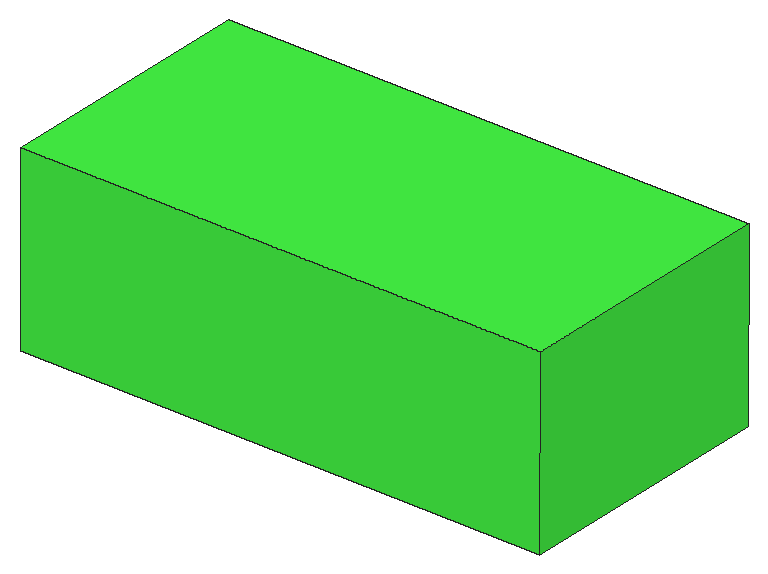
Revit family "Задание_Стена_Прямоугольник_БезОсновы1", category Окна, Revit 2019
Family settings
  На основе рабочей плоскости = Нет
  Всегда вертикально = Да
  При загрузке вырезать с полостями = Да
  Общий = Нет
  Точка расчета площади = Нет
Parameters (values of type "Задание_Стена_Прямоугольное")
  Width = 0 mm  # constant formula
  Согласованно [instance] = not(Несогласованно)  # yes
  Размер обозначения [instance] = if(Отверстие_Ширина > Отверстие_Высота, Отверстие_Ширина / 5, Отверстие_Высота / 5)  # 80 mm
  Rough Width = 0 mm  # constant formula
  Rough Height = 0 mm  # constant formula
  Позиция [instance] = ""
  Отверстие_Ширина [instance] = 400 mm
  Отверстие_Отметка этажа [instance] = 0 mm
  Отверстие_Отметка от этажа [instance] = 0 mm
  Отверстие_Отметка от нуля [instance] = (Отверстие_Отметка от этажа + Отверстие_Отметка этажа)  # 0 mm
  Отверстие_Дисциплина [instance] = ""
  Отверстие_Дата [instance] = ""
  Отверстие_Глубина [instance] = 200 mm
  Отверстие_Высота [instance] = 140 mm
  Отверстие = yes
  Несогласованно [instance] = no
  Материал стены [instance] = ""
  Люк = not(Отверстие)  # no
  Коллизии [instance] = ""
  Инструкция [instance] = "https://docs.google.com/document/d/1dWthfLxqsksj-u4klXlJBslAAIWb7P7Y/edit"
  Группа модели = "Задание"  # constant formula
  Height = 0 mm  # constant formula
  Видимость_вверх [instance] = 2400 mm
  Аналитическая конструкция = "<Нет>"
  Y [instance] = 0
  X [instance] = 0
  Info [instance] = ""
Reference planes
  plane 1 "По центру (Вперед/Назад)": y = -50
  plane 2: z = 0
  plane 3 "По центру (Влево/Вправо)": x = -50
  plane 4: y = 50
  plane 5: x = 150
  plane 6: x = -250
  plane 7: y = -150
  plane 8: z = 0
  plane 9 "Корректировка": z = 2400
Forms (mm)
  Extrusion 1, void
    sketch origin (0, 179.066, 0) x (0, 1, 0) y (-1, 0, 0)
      loop
        line (-129.066, 250) -> (-329.066, 250) -> (-329.066, -150) -> (-129.066, -150) -> (-129.066, 250)
    from 0 to 140 <- "Отверстие_Высота"
  Extrusion 2, solid, material "Согласованное_Отверстие", visible <- "Согласованно"
    sketch origin (-249.666, -150, 1200) x (-1, 0, 0) y (0, 0, -1)
      loop
        line (-399.666, 1060) -> (0.334, 1060) -> (0.334, 1200) -> (-399.666, 1200) -> (-399.666, 1060)
    from 0 to -200
  Extrusion 3, solid, material "Не Соглас_Отверстие", visible <- "Несогласованно"
    sketch origin (-249.666, -150, 1200) x (-1, 0, 0) y (0, 0, -1)
      loop
        line (-399.666, 1060) -> (0, 1060) -> (0, 1200) -> (-399.666, 1200) -> (-399.666, 1060)
    from 0 to -200
Lines and regions (mm)
  model lines, detail levels coarse
    curve 1: line (-50, -50, 0) -> (-50, -50, 2400)
  model lines
    curve 2: line (-250, -150, 140) -> (150, -150, 140)
    curve 3: line (-250, -150, 0) -> (-250, -150, 140)
    curve 4: line (150, -150, 0) -> (-250, -150, 0)
    curve 5: line (150, -150, 140) -> (150, -150, 0)
  model lines, style "InvisibleLines"
    curve 6: line (165.345, -28.125, 0) -> (199.095, 28.125, 0)
    curve 7: line (165.345, 28.125, 0) -> (199.095, -28.125, 0)
    curve 8: line (255.345, 0, 0) -> (199.095, 0, 0)
    curve 9: line (255.345, 0, 0) -> (240.512, -5.399, 0)
    curve 10: line (255.345, 0, 0) -> (240.512, 5.399, 0)
    curve 11: line (199.095, 0, 0) -> (213.928, -5.399, 0)
    curve 12: line (199.095, 0, 0) -> (213.928, 5.399, 0)
    curve 27: line (-250, -50, 0) -> (150, -50, 0)
    curve 28: line (-50, 50, 0) -> (-50, -150, 0)
    curve 29: line (-86, 94.938, 0) -> (-68, 124.938, 0)
    curve 30: line (-104, 124.938, 0) -> (-86, 94.938, 0)
    curve 31: line (-50, 124.938, 0) -> (-50, 64.938, 0)
    curve 32: line (-50, 124.938, 0) -> (-44.241, 109.116, 0)
    curve 33: line (-50, 124.938, 0) -> (-55.759, 109.116, 0)
    curve 34: line (-50, 64.938, 0) -> (-44.241, 80.76, 0)
    curve 35: line (-50, 64.938, 0) -> (-55.759, 80.76, 0)
    curve 36: line (-86, 94.938, 0) -> (-86, 64.938, 0)
    curve 54: line (170.095, -150, 170) -> (270.095, -150, 170)
    curve 55: line (270.095, -150, 170) -> (170.095, -150, 30)
    curve 56: line (170.095, -150, 30) -> (270.095, -150, 30)
    curve 57: line (351, -150, 170) -> (351, -150, 30)
    curve 58: line (351, -150, 170) -> (389.891, -150, 131.109)
    curve 59: line (351, -150, 170) -> (312.109, -150, 131.109)
    curve 60: line (351, -150, 30) -> (389.891, -150, 68.891)
    curve 61: line (351, -150, 30) -> (312.109, -150, 68.891)
  model lines, style "InvisibleLines", not visible
    curve 13: line (28.629, 15.438, 0) -> (43.629, 40.438, 0)
    curve 14: line (28.629, 40.438, 0) -> (43.629, 15.438, 0)
    curve 15: line (68.629, 27.938, 0) -> (43.629, 27.938, 0)
    curve 16: line (68.629, 27.938, 0) -> (62.036, 25.539, 0)
    curve 17: line (68.629, 27.938, 0) -> (62.036, 30.337, 0)
    curve 18: line (43.629, 27.938, 0) -> (50.221, 25.539, 0)
    curve 19: line (43.629, 27.938, 0) -> (50.221, 30.337, 0)
    curve 20: line (190.345, 15.562, 0) -> (224.095, 71.812, 0)
    curve 21: line (190.345, 71.812, 0) -> (224.095, 15.562, 0)
    curve 22: line (280.345, 43.687, 0) -> (224.095, 43.687, 0)
    curve 23: line (280.345, 43.687, 0) -> (265.512, 38.288, 0)
    curve 24: line (280.345, 43.687, 0) -> (265.512, 49.086, 0)
    curve 25: line (224.095, 43.687, 0) -> (238.928, 38.288, 0)
    curve 26: line (224.095, 43.687, 0) -> (238.928, 49.086, 0)
    curve 37: line (317.866, -74.537, 0) -> (325.366, -62.037, 0)
    curve 38: line (310.366, -62.037, 0) -> (317.866, -74.537, 0)
    curve 39: line (332.866, -62.037, 0) -> (332.866, -87.037, 0)
    curve 40: line (332.866, -62.037, 0) -> (335.266, -68.63, 0)
    curve 41: line (332.866, -62.037, 0) -> (330.467, -68.63, 0)
    curve 42: line (332.866, -87.037, 0) -> (335.266, -80.445, 0)
    curve 43: line (332.866, -87.037, 0) -> (330.467, -80.445, 0)
    curve 44: line (317.866, -74.537, 0) -> (317.866, -87.037, 0)
    curve 45: line (-79.309, 180.938, 0) -> (-61.309, 210.938, 0)
    curve 46: line (-97.309, 210.938, 0) -> (-79.309, 180.938, 0)
    curve 47: line (-43.309, 210.938, 0) -> (-43.309, 150.938, 0)
    curve 48: line (-43.309, 210.938, 0) -> (-37.55, 195.116, 0)
    curve 49: line (-43.309, 210.938, 0) -> (-49.068, 195.116, 0)
    curve 50: line (-43.309, 150.938, 0) -> (-37.55, 166.76, 0)
    curve 51: line (-43.309, 150.938, 0) -> (-49.068, 166.76, 0)
    curve 52: line (-79.309, 180.938, 0) -> (-79.309, 150.938, 0)
    curve 62: line (199.095, -150, 170) -> (299.095, -150, 170)
    curve 63: line (299.095, -150, 170) -> (199.095, -150, 30)
    curve 64: line (199.095, -150, 30) -> (299.095, -150, 30)
    curve 65: line (380, -150, 170) -> (380, -150, 30)
    curve 66: line (380, -150, 170) -> (418.891, -150, 131.109)
    curve 67: line (380, -150, 170) -> (341.109, -150, 131.109)
    curve 68: line (380, -150, 30) -> (418.891, -150, 68.891)
    curve 69: line (380, -150, 30) -> (341.109, -150, 68.891)
  model lines, visible <- "Люк"
    curve 53: line (150, -150, 0) -> (-236.37, -253.528, 0)
Dimensions and locks
  "Отверстие_Ширина": plane 6 to plane 5
  "Отверстие_Глубина": plane 7 to plane 4
  equal spacing: plane 6, plane 3 "По центру (Влево/Вправо)", plane 5
  equal spacing: plane 4, plane 1 "По центру (Вперед/Назад)", plane 7
  "Видимость_вверх": plane 9 "Корректировка" to level
  locked: plane 5 to curve 7 at 15.345
  locked: nested 1 to curve 35 at 14.938
  "Отверстие_Ширина": curve 53 to curve 53
  locked: curve 54 to Extrusion 2 at 20.095
  locked: curve 54 to Extrusion 2 at 30
  angle nested 1 to curve 53 = 15.00°
  aligned and locked: level to plane 2
  aligned and locked: Extrusion 1 sketch curve to plane 6
  aligned and locked: Extrusion 1 sketch curve to plane 5
  aligned and locked: nested 1 to plane 7
  aligned and locked: plane 6 to nested 1
  aligned and locked: nested 1 to plane 5
  aligned and locked: nested 1 to plane 4
  aligned and locked: curve 1 to plane 1 "По центру (Вперед/Назад)"
  aligned and locked: plane 9 "Корректировка" to curve 1
  aligned and locked: level to curve 1
  aligned and locked: plane 4 to Extrusion 2
  aligned and locked: plane 7 to Extrusion 1
  aligned and locked: plane 4 to Extrusion 1
  aligned and locked: curve 2 to Extrusion 1
  aligned and locked: curve 3 to Extrusion 1
  aligned and locked: curve 4 to Extrusion 1
  aligned and locked: curve 5 to Extrusion 1
  aligned and locked: plane 5 to Extrusion 2 sketch curve
  aligned and locked: Extrusion 2 sketch curve to level
  aligned and locked: plane 6 to Extrusion 2 sketch curve
  aligned and locked: Extrusion 2 sketch curve to Extrusion 1
  aligned and locked: Extrusion 1 to curve 28
  aligned and locked: curve 2 to curve 28
  aligned and locked: Extrusion 1 to curve 27  (x2)
  aligned and locked: nested 1 to curve 53
  aligned and locked: Extrusion 2 to plane 7
  aligned and locked: plane 4 to Extrusion 3
  aligned and locked: plane 5 to Extrusion 3
  aligned and locked: Extrusion 3 to plane 7
  aligned and locked: Extrusion 3 to Extrusion 1
Automatic sketch dimensions
  curve 1 to plane 1 "По центру (Вперед/Назад)" = 0 mm
  Extrusion 1 sketch curve to plane 7 = 0 mm
  Extrusion 1 sketch curve to plane 4 = 0 mm
  Extrusion 3 sketch curve to level = 0 mm
  plane 5 to Extrusion 3 sketch curve = 0 mm
  plane 6 to Extrusion 3 sketch curve = 0.334 mm
  Extrusion 3 sketch curve to level = 140 mm
  curve 28 to plane 3 "По центру (Влево/Вправо)" = 0 mm
  curve 53 to plane 5 = 0 mm
  plane 7 to curve 53 = 0 mm
  plane 1 "По центру (Вперед/Назад)" to curve 27 = 0 mm
  curve 53 to plane 6 = 13.63 mm
Nested families
  nested 1: "Заполнение (план)" at (-50, -150, 0), Красный <- "Несогласованно", type "Стандарт"
    with Черный yes, Красный no, Masking length 400 mm, Masking depth 200 mm
Definition of nested family "Заполнение (план)"
  Parameters (values of type "Красный")
    Черный [instance] = not(Красный)  # no
    Красный [instance] = yes
    Assembly Code = ""
    Masking length [instance] = 400 mm
    Masking depth [instance] = 300 mm
  Reference planes
    plane 1 "Break Line": y = 0
    plane 2: z = 0
    plane 3: x = -200
    plane 4: x = 200
    plane 5: y = 300
  Lines and regions (mm)
    Filled region 1, type "Черный", in view "Ground floor", visible <- "Черный"
      outline origin (0, 0, 0) x (1, 0, 0) y (0, 1, 0)
        loop
          line (-200, 0) -> (200, 0) -> (200, 300) -> (-200, 300) -> (-200, 0)
    Filled region 2, type "Красный", in view "Ground floor", visible <- "Красный"
      outline origin (0, 0, 0) x (1, 0, 0) y (0, 1, 0)
        loop
          line (-200, 0) -> (200, 0) -> (200, 300) -> (-200, 300) -> (-200, 0)
    detail lines, in view "Ground floor"
      curve 1: line (-200, 300, 0) -> (200, 0, 0)
      curve 2: line (-200, 0, 0) -> (200, 300, 0)
  Dimensions and locks
    "Masking depth": plane 1 "Break Line" to plane 5
    "Masking length": plane 3 to plane 4
    plane 3 to Filled region 2 = 400 mm
    aligned and locked: plane 3 to Filled region 1
    aligned and locked: plane 5 to Filled region 1 sketch curve
    aligned and locked: plane 1 "Break Line" to Filled region 1 sketch curve
    aligned and locked: plane 4 to Filled region 1 sketch curve
    aligned and locked: Filled region 1 sketch curve to plane 3
    aligned and locked: plane 5 to curve 1
    aligned and locked: plane 4 to curve 1
    aligned and locked: plane 3 to curve 2
    aligned and locked: plane 5 to curve 2
    aligned and locked: Filled region 2 to plane 4
    aligned and locked: Filled region 2 to plane 5
    aligned and locked: plane 3 to Filled region 2
    aligned and locked: plane 1 "Break Line" to Filled region 2
  Automatic sketch dimensions
    curve 1 to plane 3 = 0 mm
    curve 2 to plane 4 = 0 mm
    plane 1 "Break Line" to curve 1 = 0 mm
    plane 1 "Break Line" to curve 2 = 0 mm
    Filled region 2 sketch curve to plane 3 = 0 mm
    plane 4 to Filled region 2 sketch curve = 0 mm
    Filled region 2 sketch curve to plane 1 "Break Line" = 0 mm
    plane 5 to Filled region 2 sketch curve = 0 mm
